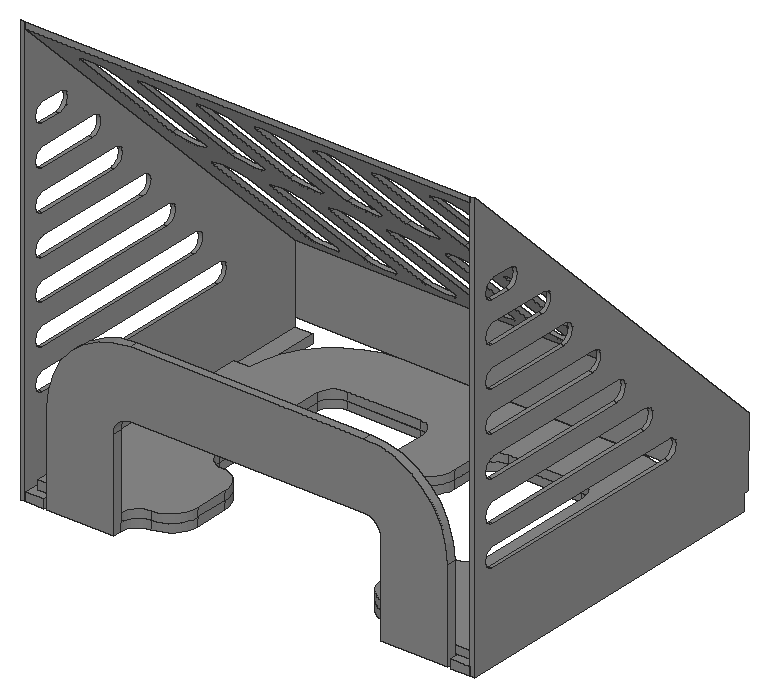
Revit family "Plumbing_Drainage_Menzies-Metal_Strainer-Kit-for-Box-Scupper", category Plumbing Fixtures, host Face, Revit 2015
Parameters (values of type "Strainer Kit for Clamp-TiteBox Scupper")
  Weight = 0.60 lbf
  URL = "https://www.menzies-metal.com/"
  Product data url = "https://bimobject.com/menzies-metal/product/strainer-kit"
  Product Material = Metal - Menzies Metal Products - Mill Aluminum
  Product Guid = "78de3b7e-1688-4911-bb7a-5cdbd38169c8"
  Model = "300-3315"
  Manufacturer = "Menzies Metal Products"  # constant formula
  Edition number = 1
  Description = "\"Strainer Kit for Clamp-Tite Box Scupper\""
  Default Elevation = 4' - 0"
  Assembly Code = "D2040200"
Reference planes (in)
  plane 1 "Center (Front/Back)": y = 0
  plane 2: z = 0
  plane 3 "Center (Left/Right)": x = 0
  plane 4: x = -3.4
  plane 5: x = 3.4
  plane 6: z = 6.395
  plane 7: x = -3.337
  plane 8: x = 3.337
Forms (in)
  Extrusion 1, solid, material "Metal - Menzies Metal Products - Mill Aluminum" <- "Product Material", detail levels coarse
    sketch origin (0, 0, 0) x (0, 1, 0) y (0, 0, 1)
      loop
        line (0, 6.42941) -> (0, 0) -> (5.05013, 0) -> (5.05013, 0.27) -> (5.125, 0.27) -> (5.125, 1.30438) -> (0, 6.42941)
    from -3.4 to 3.4
  Extrusion 2, solid, material "Metal - Menzies Metal Products - Mill Aluminum" <- "Product Material", detail levels coarse
    sketch origin (0, 0, 0) x (0, 1, 0) y (0, 0, 1)
      loop
        line (0.125, 2.62513) -> (0, 2.62513) -> (0, 0) -> (5.05013, 0) -> (5.05013, 0.25) -> (0.125, 0.25) -> (0.125, 2.62513)
    from -3 to 3
  Extrusion 3, solid, material "Metal - Menzies Metal Products - Mill Aluminum" <- "Product Material", detail levels medium+fine
    sketch origin (0, 0, 0) x (1, 0, 0) y (0, 0, 1)
      loop
        arc (-1.75, 2.62513) -> (-2.63388, 2.25902) -> (-3, 1.37513) r 1.25
        line (-3, 1.37513) -> (-3, 0) -> (-2, 0) -> (-2, 1.37513)
        arc (-2, 1.37513) -> (-1.92678, 1.55191) -> (-1.75, 1.62513) r 0.25
        line (-1.75, 1.62513) -> (1.75, 1.62513)
        arc (1.75, 1.62513) -> (1.92678, 1.55191) -> (2, 1.37513) r 0.25
        line (2, 1.37513) -> (2, 0) -> (3, 0) -> (3, 1.37513)
        arc (3, 1.37513) -> (2.63388, 2.25902) -> (1.75, 2.62513) r 1.25
        line (1.75, 2.62513) -> (-1.75, 2.62513)
    from -0.125 to 0
  Extrusion 4, solid, material "Metal - Menzies Metal Products - Mill Aluminum" <- "Product Material", detail levels medium+fine
    sketch origin (0, 0, 0) x (1, 0, 0) y (0, 1, 0)
      loop
        line (-3, 3.80013) -> (-3.25, 3.80013) -> (-3.25, 0.14) -> (-1.99997, 0.14)
        arc (-1.99997, 0.14) -> (-1.93233, 0.31518) -> (-1.76181, 0.39385) r 0.25
        arc (-1.76181, 0.39385) -> (-1.48721, 0.51918) -> (-1.375, 0.7994) r 0.406
        line (-1.375, 0.7994) -> (-1.375, 1.30086)
        arc (-1.375, 1.30086) -> (-1.48721, 1.58108) -> (-1.76181, 1.70641) r 0.406
        arc (-1.76181, 1.70641) -> (-1.93091, 1.78358) -> (-2, 1.95613) r 0.25
        line (-2, 1.95613) -> (-2, 3.80013)
        arc (-2, 3.80013) -> (-1.92678, 3.97691) -> (-1.75, 4.05013) r 0.25
        line (-1.75, 4.05013) -> (-0.656, 4.05013)
        arc (-0.656, 4.05013) -> (-0.47922, 3.97691) -> (-0.406, 3.80013) r 0.25
        line (-0.406, 3.80013) -> (-0.406, 3.36613)
        arc (-0.406, 3.36613) -> (0, 2.96013) -> (0.406, 3.36613) r 0.406
        line (0.406, 3.36613) -> (0.406, 3.80013)
        arc (0.406, 3.80013) -> (0.47922, 3.97691) -> (0.656, 4.05013) r 0.25
        line (0.656, 4.05013) -> (1.75, 4.05013)
        arc (1.75, 4.05013) -> (1.92678, 3.97691) -> (2, 3.80013) r 0.25
        line (2, 3.80013) -> (2, 1.95613)
        arc (2, 1.95613) -> (1.93091, 1.78358) -> (1.76181, 1.70641) r 0.25
        arc (1.76181, 1.70641) -> (1.48721, 1.58108) -> (1.375, 1.30086) r 0.406
        line (1.375, 1.30086) -> (1.375, 0.7994)
        arc (1.375, 0.7994) -> (1.48721, 0.51918) -> (1.76181, 0.39385) r 0.406
        arc (1.76181, 0.39385) -> (1.93233, 0.31518) -> (1.99997, 0.14) r 0.25
        line (1.99997, 0.14) -> (3.25, 0.14) -> (3.25, 3.80013) -> (3, 3.80013)
        arc (3, 3.80013) -> (2.63388, 4.68402) -> (1.75, 5.05013) r 1.25
        line (1.75, 5.05013) -> (-1.75, 5.05013)
        arc (-1.75, 5.05013) -> (-2.63388, 4.68402) -> (-3, 3.80013) r 1.25
    from 0.25 to 0.125
  Extrusion 5, solid, material "Metal - Menzies Metal Products - Mill Aluminum" <- "Product Material", detail levels medium+fine
    sketch origin (0, 0, 0) x (1, 0, 0) y (0, 1, 0)
      loop
        arc (-1.75, 5.05013) -> (-2.63388, 4.68402) -> (-3, 3.80013) r 1.25
        line (-3, 3.80013) -> (-3, 0.125) -> (-1.99927, 0.125)
        arc (-1.99927, 0.125) -> (-1.93738, 0.30963) -> (-1.76181, 0.39385) r 0.25
        arc (-1.76181, 0.39385) -> (-1.48721, 0.51918) -> (-1.375, 0.7994) r 0.406
        line (-1.375, 0.7994) -> (-1.375, 1.30086)
        arc (-1.375, 1.30086) -> (-1.48721, 1.58108) -> (-1.76181, 1.70641) r 0.406
        arc (-1.76181, 1.70641) -> (-1.93091, 1.78358) -> (-2, 1.95613) r 0.25
        line (-2, 1.95613) -> (-2, 3.80013)
        arc (-2, 3.80013) -> (-1.92678, 3.97691) -> (-1.75, 4.05013) r 0.25
        line (-1.75, 4.05013) -> (-0.656, 4.05013)
        arc (-0.656, 4.05013) -> (-0.47922, 3.97691) -> (-0.406, 3.80013) r 0.25
        line (-0.406, 3.80013) -> (-0.406, 3.36613)
        arc (-0.406, 3.36613) -> (0, 2.96013) -> (0.406, 3.36613) r 0.406
        line (0.406, 3.36613) -> (0.406, 3.80013)
        arc (0.406, 3.80013) -> (0.47922, 3.97691) -> (0.656, 4.05013) r 0.25
        line (0.656, 4.05013) -> (1.75, 4.05013)
        arc (1.75, 4.05013) -> (1.92678, 3.97691) -> (2, 3.80013) r 0.25
        line (2, 3.80013) -> (2, 1.95613)
        arc (2, 1.95613) -> (1.93091, 1.78358) -> (1.76181, 1.70641) r 0.25
        arc (1.76181, 1.70641) -> (1.48721, 1.58108) -> (1.375, 1.30086) r 0.406
        line (1.375, 1.30086) -> (1.375, 0.7994)
        arc (1.375, 0.7994) -> (1.48721, 0.51918) -> (1.76181, 0.39385) r 0.406
        arc (1.76181, 0.39385) -> (1.93738, 0.30963) -> (1.99927, 0.125) r 0.25
        line (1.99927, 0.125) -> (3, 0.125) -> (3, 3.80013)
        arc (3, 3.80013) -> (2.63388, 4.68402) -> (1.75, 5.05013) r 1.25
        line (1.75, 5.05013) -> (-1.75, 5.05013)
    from 0 to 0.125
  Extrusion 6, solid, material "Metal - Menzies Metal Products - Mill Aluminum" <- "Product Material", detail levels medium+fine
    sketch origin (0, 0, 0) x (0, 1, 0) y (0, 0, 1)
      loop
        line (5.125, 1.30438) -> (0, 6.42941) -> (0, 0) -> (5.05013, 0) -> (5.05013, 0.25) -> (5.125, 0.25) -> (5.125, 1.30438)
      loop
        line (0.65798, 5.21432) -> (0.35, 5.21432)
        arc (0.35, 5.21432) -> (0.2, 5.06432) -> (0.35, 4.91432) r 0.15
        line (0.35, 4.91432) -> (0.65798, 4.91432)
        arc (0.65798, 4.91432) -> (0.80798, 5.06432) -> (0.65798, 5.21432) r 0.15
      loop
        line (1.28708, 4.61432) -> (0.35, 4.61432)
        arc (0.35, 4.61432) -> (0.2, 4.46432) -> (0.35, 4.31432) r 0.15
        line (0.35, 4.31432) -> (1.28708, 4.31432)
        arc (1.28708, 4.31432) -> (1.43708, 4.46432) -> (1.28708, 4.61432) r 0.15
      loop
        arc (0.35, 4.01432) -> (0.2, 3.86432) -> (0.35, 3.71432) r 0.15
        line (0.35, 3.71432) -> (1.6858, 3.71432)
        arc (1.6858, 3.71432) -> (1.8358, 3.86432) -> (1.6858, 4.01432) r 0.15
        line (1.6858, 4.01432) -> (0.35, 4.01432)
      loop
        arc (0.35, 3.41432) -> (0.2, 3.26432) -> (0.35, 3.11432) r 0.15
        line (0.35, 3.11432) -> (2.22417, 3.11432)
        arc (2.22417, 3.11432) -> (2.37417, 3.26432) -> (2.22417, 3.41432) r 0.15
        line (2.22417, 3.41432) -> (0.35, 3.41432)
      loop
        arc (0.35, 2.81356) -> (0.2, 2.66356) -> (0.35, 2.51356) r 0.15
        line (0.35, 2.51356) -> (2.67876, 2.51356)
        arc (2.67876, 2.51356) -> (2.82876, 2.66356) -> (2.67876, 2.81356) r 0.15
        line (2.67876, 2.81356) -> (0.35, 2.81356)
      loop
        arc (0.35, 2.21356) -> (0.2, 2.06356) -> (0.35, 1.91356) r 0.15
        line (0.35, 1.91356) -> (3.18872, 1.91356)
        arc (3.18872, 1.91356) -> (3.33872, 2.06356) -> (3.18872, 2.21356) r 0.15
        line (3.18872, 2.21356) -> (0.35, 2.21356)
      loop
        arc (0.35, 1.61356) -> (0.2, 1.46356) -> (0.35, 1.31356) r 0.15
        line (0.35, 1.31356) -> (3.63243, 1.31356)
        arc (3.63243, 1.31356) -> (3.78243, 1.46356) -> (3.63243, 1.61356) r 0.15
        line (3.63243, 1.61356) -> (0.35, 1.61356)
    from -3.4 to -3.337
  Extrusion 7, solid, material "Metal - Menzies Metal Products - Mill Aluminum" <- "Product Material", detail levels medium+fine
    sketch origin (0, 0, 0) x (0, 1, 0) y (0, 0, 1)
      loop
        line (3.63243, 1.61356) -> (0.35, 1.61356)
        arc (0.35, 1.61356) -> (0.2, 1.46356) -> (0.35, 1.31356) r 0.15
        line (0.35, 1.31356) -> (3.63243, 1.31356)
        arc (3.63243, 1.31356) -> (3.78243, 1.46356) -> (3.63243, 1.61356) r 0.15
      loop
        line (3.18872, 2.21356) -> (0.35, 2.21356)
        arc (0.35, 2.21356) -> (0.2, 2.06356) -> (0.35, 1.91356) r 0.15
        line (0.35, 1.91356) -> (3.18872, 1.91356)
        arc (3.18872, 1.91356) -> (3.33872, 2.06356) -> (3.18872, 2.21356) r 0.15
      loop
        line (2.67876, 2.81356) -> (0.35, 2.81356)
        arc (0.35, 2.81356) -> (0.2, 2.66356) -> (0.35, 2.51356) r 0.15
        line (0.35, 2.51356) -> (2.67876, 2.51356)
        arc (2.67876, 2.51356) -> (2.82876, 2.66356) -> (2.67876, 2.81356) r 0.15
      loop
        line (2.22417, 3.41432) -> (0.35, 3.41432)
        arc (0.35, 3.41432) -> (0.2, 3.26432) -> (0.35, 3.11432) r 0.15
        line (0.35, 3.11432) -> (2.22417, 3.11432)
        arc (2.22417, 3.11432) -> (2.37417, 3.26432) -> (2.22417, 3.41432) r 0.15
      loop
        line (1.6858, 4.01432) -> (0.35, 4.01432)
        arc (0.35, 4.01432) -> (0.2, 3.86432) -> (0.35, 3.71432) r 0.15
        line (0.35, 3.71432) -> (1.6858, 3.71432)
        arc (1.6858, 3.71432) -> (1.8358, 3.86432) -> (1.6858, 4.01432) r 0.15
      loop
        line (1.28708, 4.61432) -> (0.35, 4.61432)
        arc (0.35, 4.61432) -> (0.2, 4.46432) -> (0.35, 4.31432) r 0.15
        line (0.35, 4.31432) -> (1.28708, 4.31432)
        arc (1.28708, 4.31432) -> (1.43708, 4.46432) -> (1.28708, 4.61432) r 0.15
      loop
        line (0.65798, 5.21432) -> (0.35, 5.21432)
        arc (0.35, 5.21432) -> (0.2, 5.06432) -> (0.35, 4.91432) r 0.15
        line (0.35, 4.91432) -> (0.65798, 4.91432)
        arc (0.65798, 4.91432) -> (0.80798, 5.06432) -> (0.65798, 5.21432) r 0.15
      loop
        line (0, 0) -> (5.05013, 0) -> (5.05013, 0.25) -> (5.125, 0.25) -> (5.125, 1.30438) -> (0, 6.42941) -> (0, 0)
    from 3.337 to 3.4
  Extrusion 8, solid, material "Metal - Menzies Metal Products - Mill Aluminum" <- "Product Material", detail levels medium+fine
    sketch origin (0, 0, 0) x (0, 1, 0) y (0, 0, 1)
      loop
        line (5.0625, 0.25) -> (5.125, 0.25) -> (5.125, 1.30438) -> (0, 6.42941) -> (0, 6.34102) -> (5.0625, 1.27849) -> (5.0625, 0.25)
    from -3.337 to 3.337
  Extrusion 9, void
    sketch origin (0, 0, 0) x (1, 0, 0) y (0, 0, 1)
      loop
        spline (-2.875, 4.15971) -> (-2.86648, 4.11395) -> (-2.84151, 4.07132) -> (-2.80178, 4.03471) -> (-2.75, 4.00661) -> (-2.6897, 3.98895) -> (-2.625, 3.98293) -> (-2.5603, 3.98895) -> (-2.5, 4.00661) -> (-2.44822, 4.03471) -> (-2.40849, 4.07132) -> (-2.38352, 4.11395) -> (-2.375, 4.15971)
        line (-2.375, 4.15971) -> (-2.375, 5.8449)
        spline (-2.375, 5.8449) -> (-2.38352, 5.89065) -> (-2.40849, 5.93329) -> (-2.44822, 5.9699) -> (-2.5, 5.99799) -> (-2.5603, 6.01565) -> (-2.625, 6.02167) -> (-2.6897, 6.01565) -> (-2.75, 5.99799) -> (-2.80178, 5.9699) -> (-2.84151, 5.93329) -> (-2.86648, 5.89065) -> (-2.875, 5.8449)
        line (-2.875, 5.8449) -> (-2.875, 4.15971)
      loop
        spline (-0.25, 4.15971) -> (-0.24148, 4.11395) -> (-0.21651, 4.07132) -> (-0.17678, 4.03471) -> (-0.125, 4.00661) -> (-0.0647, 3.98895) -> (0, 3.98293) -> (0.0647, 3.98895) -> (0.125, 4.00661) -> (0.17678, 4.03471) -> (0.21651, 4.07132) -> (0.24148, 4.11395) -> (0.25, 4.15971)
        line (0.25, 4.15971) -> (0.25, 5.8449)
        spline (0.25, 5.8449) -> (0.24148, 5.89065) -> (0.21651, 5.93329) -> (0.17678, 5.9699) -> (0.125, 5.99799) -> (0.0647, 6.01565) -> (0, 6.02167) -> (-0.0647, 6.01565) -> (-0.125, 5.99799) -> (-0.17678, 5.9699) -> (-0.21651, 5.93329) -> (-0.24148, 5.89065) -> (-0.25, 5.8449)
        line (-0.25, 5.8449) -> (-0.25, 4.15971)
      loop
        spline (-1.99831, 4.15971) -> (-1.98979, 4.11395) -> (-1.96481, 4.07132) -> (-1.92508, 4.03471) -> (-1.87331, 4.00661) -> (-1.81301, 3.98895) -> (-1.74831, 3.98293) -> (-1.6836, 3.98895) -> (-1.62331, 4.00661) -> (-1.57153, 4.03471) -> (-1.5318, 4.07132) -> (-1.50682, 4.11395) -> (-1.49831, 4.15971)
        line (-1.49831, 4.15971) -> (-1.49831, 5.8449)
        spline (-1.49831, 5.8449) -> (-1.50682, 5.89065) -> (-1.5318, 5.93329) -> (-1.57153, 5.9699) -> (-1.62331, 5.99799) -> (-1.6836, 6.01565) -> (-1.74831, 6.02167) -> (-1.81301, 6.01565) -> (-1.87331, 5.99799) -> (-1.92508, 5.9699) -> (-1.96481, 5.93329) -> (-1.98979, 5.89065) -> (-1.99831, 5.8449)
        line (-1.99831, 5.8449) -> (-1.99831, 4.15971)
      loop
        spline (-1.125, 4.15971) -> (-1.11648, 4.11395) -> (-1.09151, 4.07132) -> (-1.05178, 4.03471) -> (-1, 4.00661) -> (-0.9397, 3.98895) -> (-0.875, 3.98293) -> (-0.8103, 3.98895) -> (-0.75, 4.00661) -> (-0.69822, 4.03471) -> (-0.65849, 4.07132) -> (-0.63352, 4.11395) -> (-0.625, 4.15971)
        line (-0.625, 4.15971) -> (-0.625, 5.8449)
        spline (-0.625, 5.8449) -> (-0.63352, 5.89065) -> (-0.65849, 5.93329) -> (-0.69822, 5.9699) -> (-0.75, 5.99799) -> (-0.8103, 6.01565) -> (-0.875, 6.02167) -> (-0.9397, 6.01565) -> (-1, 5.99799) -> (-1.05178, 5.9699) -> (-1.09151, 5.93329) -> (-1.11648, 5.89065) -> (-1.125, 5.8449)
        line (-1.125, 5.8449) -> (-1.125, 4.15971)
      loop
        line (2.875, 4.15971) -> (2.875, 5.8449)
        spline (2.875, 5.8449) -> (2.86648, 5.89065) -> (2.84151, 5.93329) -> (2.80178, 5.9699) -> (2.75, 5.99799) -> (2.6897, 6.01565) -> (2.625, 6.02167) -> (2.5603, 6.01565) -> (2.5, 5.99799) -> (2.44822, 5.9699) -> (2.40849, 5.93329) -> (2.38352, 5.89065) -> (2.375, 5.8449)
        line (2.375, 5.8449) -> (2.375, 4.15971)
        spline (2.375, 4.15971) -> (2.38352, 4.11395) -> (2.40849, 4.07132) -> (2.44822, 4.03471) -> (2.5, 4.00661) -> (2.5603, 3.98895) -> (2.625, 3.98293) -> (2.6897, 3.98895) -> (2.75, 4.00661) -> (2.80178, 4.03471) -> (2.84151, 4.07132) -> (2.86648, 4.11395) -> (2.875, 4.15971)
      loop
        line (1.99831, 4.15971) -> (1.99831, 5.8449)
        spline (1.99831, 5.8449) -> (1.98979, 5.89065) -> (1.96481, 5.93329) -> (1.92508, 5.9699) -> (1.87331, 5.99799) -> (1.81301, 6.01565) -> (1.74831, 6.02167) -> (1.6836, 6.01565) -> (1.62331, 5.99799) -> (1.57153, 5.9699) -> (1.5318, 5.93329) -> (1.50682, 5.89065) -> (1.49831, 5.8449)
        line (1.49831, 5.8449) -> (1.49831, 4.15971)
        spline (1.49831, 4.15971) -> (1.50682, 4.11395) -> (1.5318, 4.07132) -> (1.57153, 4.03471) -> (1.62331, 4.00661) -> (1.6836, 3.98895) -> (1.74831, 3.98293) -> (1.81301, 3.98895) -> (1.87331, 4.00661) -> (1.92508, 4.03471) -> (1.96481, 4.07132) -> (1.98979, 4.11395) -> (1.99831, 4.15971)
      loop
        line (1.125, 4.15971) -> (1.125, 5.8449)
        spline (1.125, 5.8449) -> (1.11648, 5.89065) -> (1.09151, 5.93329) -> (1.05178, 5.9699) -> (1, 5.99799) -> (0.9397, 6.01565) -> (0.875, 6.02167) -> (0.8103, 6.01565) -> (0.75, 5.99799) -> (0.69822, 5.9699) -> (0.65849, 5.93329) -> (0.63352, 5.89065) -> (0.625, 5.8449)
        line (0.625, 5.8449) -> (0.625, 4.15971)
        spline (0.625, 4.15971) -> (0.63352, 4.11395) -> (0.65849, 4.07132) -> (0.69822, 4.03471) -> (0.75, 4.00661) -> (0.8103, 3.98895) -> (0.875, 3.98293) -> (0.9397, 3.98895) -> (1, 4.00661) -> (1.05178, 4.03471) -> (1.09151, 4.07132) -> (1.11648, 4.11395) -> (1.125, 4.15971)
      loop
        spline (-2.875, 1.68554) -> (-2.86648, 1.63978) -> (-2.84151, 1.59715) -> (-2.80178, 1.56054) -> (-2.75, 1.53244) -> (-2.6897, 1.51478) -> (-2.625, 1.50876) -> (-2.5603, 1.51478) -> (-2.5, 1.53244) -> (-2.44822, 1.56054) -> (-2.40849, 1.59715) -> (-2.38352, 1.63978) -> (-2.375, 1.68554)
        line (-2.375, 1.68554) -> (-2.375, 3.37073)
        spline (-2.375, 3.37073) -> (-2.38352, 3.41648) -> (-2.40849, 3.45912) -> (-2.44822, 3.49573) -> (-2.5, 3.52382) -> (-2.5603, 3.54148) -> (-2.625, 3.54751) -> (-2.6897, 3.54148) -> (-2.75, 3.52382) -> (-2.80178, 3.49573) -> (-2.84151, 3.45912) -> (-2.86648, 3.41648) -> (-2.875, 3.37073)
        line (-2.875, 3.37073) -> (-2.875, 1.68554)
      loop
        spline (-0.25, 1.68554) -> (-0.24148, 1.63978) -> (-0.21651, 1.59715) -> (-0.17678, 1.56054) -> (-0.125, 1.53244) -> (-0.0647, 1.51478) -> (0, 1.50876) -> (0.0647, 1.51478) -> (0.125, 1.53244) -> (0.17678, 1.56054) -> (0.21651, 1.59715) -> (0.24148, 1.63978) -> (0.25, 1.68554)
        line (0.25, 1.68554) -> (0.25, 3.37073)
        spline (0.25, 3.37073) -> (0.24148, 3.41648) -> (0.21651, 3.45912) -> (0.17678, 3.49573) -> (0.125, 3.52382) -> (0.0647, 3.54148) -> (0, 3.54751) -> (-0.0647, 3.54148) -> (-0.125, 3.52382) -> (-0.17678, 3.49573) -> (-0.21651, 3.45912) -> (-0.24148, 3.41648) -> (-0.25, 3.37073)
        line (-0.25, 3.37073) -> (-0.25, 1.68554)
      loop
        spline (-1.99831, 1.68554) -> (-1.98979, 1.63978) -> (-1.96481, 1.59715) -> (-1.92508, 1.56054) -> (-1.87331, 1.53244) -> (-1.81301, 1.51478) -> (-1.74831, 1.50876) -> (-1.6836, 1.51478) -> (-1.62331, 1.53244) -> (-1.57153, 1.56054) -> (-1.5318, 1.59715) -> (-1.50682, 1.63978) -> (-1.49831, 1.68554)
        line (-1.49831, 1.68554) -> (-1.49831, 3.37073)
        spline (-1.49831, 3.37073) -> (-1.50682, 3.41648) -> (-1.5318, 3.45912) -> (-1.57153, 3.49573) -> (-1.62331, 3.52382) -> (-1.6836, 3.54148) -> (-1.74831, 3.54751) -> (-1.81301, 3.54148) -> (-1.87331, 3.52382) -> (-1.92508, 3.49573) -> (-1.96481, 3.45912) -> (-1.98979, 3.41648) -> (-1.99831, 3.37073)
        line (-1.99831, 3.37073) -> (-1.99831, 1.68554)
      loop
        spline (-1.125, 1.68554) -> (-1.11648, 1.63978) -> (-1.09151, 1.59715) -> (-1.05178, 1.56054) -> (-1, 1.53244) -> (-0.9397, 1.51478) -> (-0.875, 1.50876) -> (-0.8103, 1.51478) -> (-0.75, 1.53244) -> (-0.69822, 1.56054) -> (-0.65849, 1.59715) -> (-0.63352, 1.63978) -> (-0.625, 1.68554)
        line (-0.625, 1.68554) -> (-0.625, 3.37073)
        spline (-0.625, 3.37073) -> (-0.63352, 3.41648) -> (-0.65849, 3.45912) -> (-0.69822, 3.49573) -> (-0.75, 3.52382) -> (-0.8103, 3.54148) -> (-0.875, 3.54751) -> (-0.9397, 3.54148) -> (-1, 3.52382) -> (-1.05178, 3.49573) -> (-1.09151, 3.45912) -> (-1.11648, 3.41648) -> (-1.125, 3.37073)
        line (-1.125, 3.37073) -> (-1.125, 1.68554)
      loop
        line (2.875, 1.68554) -> (2.875, 3.37073)
        spline (2.875, 3.37073) -> (2.86648, 3.41648) -> (2.84151, 3.45912) -> (2.80178, 3.49573) -> (2.75, 3.52382) -> (2.6897, 3.54148) -> (2.625, 3.54751) -> (2.5603, 3.54148) -> (2.5, 3.52382) -> (2.44822, 3.49573) -> (2.40849, 3.45912) -> (2.38352, 3.41648) -> (2.375, 3.37073)
        line (2.375, 3.37073) -> (2.375, 1.68554)
        spline (2.375, 1.68554) -> (2.38352, 1.63978) -> (2.40849, 1.59715) -> (2.44822, 1.56054) -> (2.5, 1.53244) -> (2.5603, 1.51478) -> (2.625, 1.50876) -> (2.6897, 1.51478) -> (2.75, 1.53244) -> (2.80178, 1.56054) -> (2.84151, 1.59715) -> (2.86648, 1.63978) -> (2.875, 1.68554)
      loop
        line (1.99831, 1.68554) -> (1.99831, 3.37073)
        spline (1.99831, 3.37073) -> (1.98979, 3.41648) -> (1.96481, 3.45912) -> (1.92508, 3.49573) -> (1.87331, 3.52382) -> (1.81301, 3.54148) -> (1.74831, 3.54751) -> (1.6836, 3.54148) -> (1.62331, 3.52382) -> (1.57153, 3.49573) -> (1.5318, 3.45912) -> (1.50682, 3.41648) -> (1.49831, 3.37073)
        line (1.49831, 3.37073) -> (1.49831, 1.68554)
        spline (1.49831, 1.68554) -> (1.50682, 1.63978) -> (1.5318, 1.59715) -> (1.57153, 1.56054) -> (1.62331, 1.53244) -> (1.6836, 1.51478) -> (1.74831, 1.50876) -> (1.81301, 1.51478) -> (1.87331, 1.53244) -> (1.92508, 1.56054) -> (1.96481, 1.59715) -> (1.98979, 1.63978) -> (1.99831, 1.68554)
      loop
        line (1.125, 1.68554) -> (1.125, 3.37073)
        spline (1.125, 3.37073) -> (1.11648, 3.41648) -> (1.09151, 3.45912) -> (1.05178, 3.49573) -> (1, 3.52382) -> (0.9397, 3.54148) -> (0.875, 3.54751) -> (0.8103, 3.54148) -> (0.75, 3.52382) -> (0.69822, 3.49573) -> (0.65849, 3.45912) -> (0.63352, 3.41648) -> (0.625, 3.37073)
        line (0.625, 3.37073) -> (0.625, 1.68554)
        spline (0.625, 1.68554) -> (0.63352, 1.63978) -> (0.65849, 1.59715) -> (0.69822, 1.56054) -> (0.75, 1.53244) -> (0.8103, 1.51478) -> (0.875, 1.50876) -> (0.9397, 1.51478) -> (1, 1.53244) -> (1.05178, 1.56054) -> (1.09151, 1.59715) -> (1.11648, 1.63978) -> (1.125, 1.68554)
    from -5.05013 to -0.0625
  Extrusion 10, solid, material "Metal - Menzies Metal Products - Mill Aluminum" <- "Product Material", detail levels medium+fine
    sketch origin (0, 0, 0) x (1, 0, 0) y (0, 1, 0)
      loop
        line (-3.05, 5.042) -> (-3.337, 5.042) -> (-3.337, 0) -> (-3.05, 0) -> (-3.05, 5.042)
      loop
        line (3.05, 5.042) -> (3.05, 0) -> (3.337, 0) -> (3.337, 5.042) -> (3.05, 5.042)
    from 0 to 0.125
Cuts and joins
  Extrusion 9 cuts Extrusion 8
Lines and regions (in)
  Masking region 1
    outline origin (0, 0, 0) x (1, 0, 0) y (0, 0, 1)
      loop
        line (-3.4, 6.395) -> (-3.4, 0) -> (3.4, 0) -> (3.4, 6.395) -> (-3.4, 6.395)
Dimensions and locks (in)
  locked: plane 6 to host face at 6.395
  plane 5 to plane 3 "Center (Left/Right)" to plane 4 = 0' - 3.4" locked, 0' - 3.4" locked
  locked: plane 7 to plane 4 at 0.063
  locked: plane 8 to plane 5 at 0.063
  aligned and locked: plane 2 to host face
  aligned and locked: level to host face
  aligned and locked: plane 1 "Center (Front/Back)" to Extrusion 1 sketch curve
  aligned and locked: host face to Extrusion 1 sketch curve
  aligned and locked: Extrusion 1 to plane 4
  aligned and locked: plane 5 to Extrusion 1
  aligned and locked: Masking region 1 sketch curve to plane 6
  aligned and locked: Extrusion 1 to Masking region 1 sketch curve
  aligned and locked: Masking region 1 sketch curve to Extrusion 1
  aligned and locked: host face to Masking region 1 sketch curve
  aligned and locked: Extrusion 1 to Extrusion 2 sketch curve
  aligned and locked: host face to Extrusion 2 sketch curve
  aligned and locked: Extrusion 2 sketch curve to Extrusion 1
  aligned and locked: Extrusion 2 to Extrusion 3 sketch curve  (x2)
  aligned and locked: Extrusion 3 sketch curve to Extrusion 2
  aligned and locked: host face to Extrusion 3 sketch curve  (x2)
  aligned and locked: plane 1 "Center (Front/Back)" to Extrusion 3
  aligned and locked: Extrusion 5 to level
  aligned and locked: Extrusion 6 to plane 4
  aligned and locked: plane 7 to Extrusion 6
  aligned and locked: Extrusion 7 to plane 8
  aligned and locked: plane 5 to Extrusion 7
  aligned and locked: Extrusion 8 to plane 7
  aligned and locked: Extrusion 8 to plane 8
